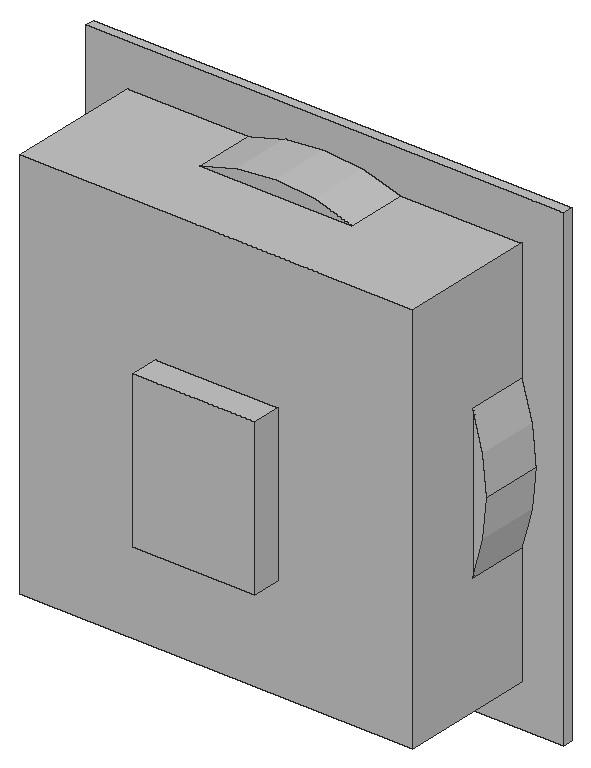
Revit family "ef-35_60uct(40)2_udt(40a)2_uet(40a)2_uft(40a)2_ugt(40a)2_60Hz", category 機械設備, Revit 2019
Family settings
  丸型コネクタ寸法 = 直径を使用
  パーツ タイプ = 標準
  OmniClass 番号 = 23.75.35.21.17
  OmniClass タイトル = Industrial Ventilating Equipment
  作業面ベース = いいえ
  常に垂直 = はい
  ロード時にボイドで切り取り = はい
  共有 = いいえ
  部屋計算ポイント = はい
Parameters (values of type "EF-35UCT2_200V")
  騒音レベル(dB(A)) [instance] = 48.5
  風量 [instance] = 設計風量  # 0.0 m³/h
  電源種別 [instance] = ""
  電圧 = 200 V
  電動機出力 = 100 W
  電動機_種別 [instance] = ""
  銘板表示 = not(モーター表示)  # yes
  銘板_Width = 120 mm
  銘板_Height = 153 mm
  銘板_H = 60 mm
  運転質量 = 0.00 kg
  連動 [instance] = ""
  質量 = if(製品質量 > 運転質量, 製品質量, 運転質量) * 1.2  # 8.16 kg
  負荷分類 = 3_ファン類
  説明 = "産業用有圧換気扇 機器冷却用 排気専用"
  設計風量 [instance] = 0.0 m³/h
  設置方法 = "壁付"
  記号 [instance] = ""
  製造元 = "三菱電機株式会社"
  製品質量 = 6.80 kg
  製品出荷対象 = "国内"
  製品リリース年月 = "2022年6月1日"
  製品グループ = ""
  羽根径 = "∅350"
  レグ_Depth = 143 mm
  系統 [instance] = ""
  符号 [instance] = if(☑給気／□排気, "FS", "FE")  # "FE"
  積算_科目 = ""
  積算_拾い区分 [instance] = ""
  相 = 3
  盤記号 [instance] = ""
  盤工事区分 = ""
  発停方法 [instance] = ""
  特殊仕様 [instance] = ""
  火災停止 [instance] = ""
  消費電力 = 107 W
  法定耐用年数 = "15"
  極数 = 3
  極 = 4
  材質 [instance] = ""
  操作・制御方式 = ""
  操作・制御スイッチ = ""
  排気量 [instance] = if(☑給気／□排気, 0.0 m³/h, 設計風量)  # 0.0 m³/h
  形式 = ""
  幹線記号 [instance] = ""
  対象室 [instance] = ""
  実風量 [instance] = 0.0 m³/h
  始動方式 [instance] = "直入"
  外気量 [instance] = if(☑給気／□排気, 設計風量, 0.0 m³/h)  # 0.0 m³/h
  呼称 = "有圧扇"
  周波数 = 60 Hz
  参照している仕様書等のバージョン = ""
  分類コード = "50052503100110"
  分類グループ = ""
  価格 = 78400
  企業コード = "108420"
  付属品_防振装置 = ""
  付属品 [instance] = ""
  仕様書バージョン = "Version1.0"
  レグ_Width = 387 mm
  レグ_Height = 387 mm
  モーター径 = 5 mm
  モーター表示 = no
  モデル = "EF-35UCT2"
  フレームの厚さ = 10 mm
  ファンの種類 = "軸流羽根"
  コメント [instance] = ""
  Keynote = ""
  オリフィス_Depth = 70 mm
  ☑給気／□排気 [instance] = no
  Width = 470 mm
  Version = ""
  Uniclass2015Version = "Systems v1.9"
  Uniclass2015Title = "Propeller fans"
  Uniclass2015Code = "Pr_65_67_29_67"
  URL = "https://www.mitsubishielectric.co.jp/ldg/wink/ssl/displayProduct.do?pid=318468"
  SpecificationReference = ""
  SpecificationDescription = ""
  Revision = ""
  ProductInformation = ""
  OmniClassCode = "23-33 31 19 11 17"
  MIN風量 = 0.0 m³/h
  MID風量 = 0.0 m³/h
  MAX風量 = 2900.0 m³/h
  IfcTypeProduct = ""
  IfcProduct = ""
  IfcExportType = "TUBEAXIAL"
  IfcExportAs = "IfcFanType"
  Height = 470 mm
  オリフィス径 = 415 mm
  Depth = 171 mm
  Author = "三菱電機株式会社"
Types (20, lengths in mm): name | 騒音レベル(dB(A)) | 電圧 | 電動機出力 | 銘板表示 | 銘板_Width | 銘板_Height | 銘板_H | 質量 | 製品質量 | 羽根径 | レグ_Depth | 消費電力 | 価格 | レグ_Width | レグ_Height | モーター径 | モーター表示 | モデル | オリフィス_Depth | Width | URL | MAX風量 | Height | オリフィス径 | Depth
  EF-35UCT2_200V | 48.5 | 200 V | 100 W | yes | 120 | 153 | 60 | 8.16 kg | 6.80 kg | "∅350" | 143 | 107 W | 78400 | 387 | 387 | 5 | no | "EF-35UCT2" | 70 | 470 | "https://www.mitsubishielectric.co.jp/ldg/wink/ssl/displayProduct.do?pid=318468" | 2900.0 m³/h | 470 | 415 | 171
  EF-35UDT2_200V | 49 | 200 V | 150 W | yes | 147 | 181 | 79.5 | 11.04 kg | 9.20 kg | "∅350" | 189 | 185 W | 86000 | 386 | 386 | 5 | no | "EF-35UDT2" | 70 | 470 | "https://www.mitsubishielectric.co.jp/ldg/wink/ssl/displayProduct.do?pid=318470" | 3600.0 m³/h | 470 | 415 | 221
  EF-40UET2_200V | 55 | 200 V | 400 W | no | 5 | 5 | 5 | 15.84 kg | 13.20 kg | "∅400" | 196 | 355 W | 109000 | 400 | 400 | 131 | yes | "EF-40UET2" | 80 | 520 | "https://www.mitsubishielectric.co.jp/ldg/wink/ssl/displayProduct.do?pid=318485" | 5520.0 m³/h | 520 | 490 | 222
  EF-50UFT2_200V | 56 | 200 V | 750 W | no | 5 | 5 | 5 | 23.40 kg | 19.50 kg | "∅500" | 232 | 530 W | 138000 | 502.8 | 502.8 | 131 | yes | "EF-50UFT2" | 95 | 620 | "https://www.mitsubishielectric.co.jp/ldg/wink/ssl/displayProduct.do?pid=318584" | 8400.0 m³/h | 620 | 605 | 258
  EF-60UGT2_200V | 62 | 200 V | 1500 W | no | 5 | 5 | 5 | 31.68 kg | 26.40 kg | "∅600" | 230 | 1050 W | 203000 | 597.6 | 597.6 | 163 | yes | "EF-60UGT2" | 100 | 710 | "https://www.mitsubishielectric.co.jp/ldg/wink/ssl/displayProduct.do?pid=318493" | 13500.0 m³/h | 710 | 705 | 266
  EF-35UCT2_220V | 49 | 220 V | 100 W | yes | 120 | 153 | 60 | 8.16 kg | 6.80 kg | "∅350" | 143 | 120 W | 78400 | 387 | 387 | 5 | no | "EF-35UCT2" | 70 | 470 | "https://www.mitsubishielectric.co.jp/ldg/wink/ssl/displayProduct.do?pid=318468" | 2900.0 m³/h | 470 | 415 | 171
  EF-35UDT2_220V | 49.5 | 220 V | 150 W | yes | 147 | 181 | 79.5 | 11.04 kg | 9.20 kg | "∅350" | 189 | 190 W | 86000 | 386 | 386 | 5 | no | "EF-35UDT2" | 70 | 470 | "https://www.mitsubishielectric.co.jp/ldg/wink/ssl/displayProduct.do?pid=318470" | 3600.0 m³/h | 470 | 415 | 221
  EF-40UET2_220V | 55.5 | 220 V | 400 W | no | 5 | 5 | 5 | 15.84 kg | 13.20 kg | "∅400" | 196 | 374 W | 109000 | 400 | 400 | 131 | yes | "EF-40UET2" | 80 | 520 | "https://www.mitsubishielectric.co.jp/ldg/wink/ssl/displayProduct.do?pid=318485" | 5520.0 m³/h | 520 | 490 | 222
  EF-50UFT2_220V | 56.5 | 220 V | 750 W | no | 5 | 5 | 5 | 23.40 kg | 19.50 kg | "∅500" | 232 | 560 W | 138000 | 502.8 | 502.8 | 131 | yes | "EF-50UFT2" | 95 | 620 | "https://www.mitsubishielectric.co.jp/ldg/wink/ssl/displayProduct.do?pid=318584" | 8400.0 m³/h | 620 | 605 | 258
  EF-60UGT2_220V | 62.5 | 220 V | 1500 W | no | 5 | 5 | 5 | 31.68 kg | 26.40 kg | "∅600" | 230 | 1070 W | 203000 | 597.6 | 597.6 | 163 | yes | "EF-60UGT2" | 100 | 710 | "https://www.mitsubishielectric.co.jp/ldg/wink/ssl/displayProduct.do?pid=318493" | 13500.0 m³/h | 710 | 705 | 266
  EF-35UCT40A2_400V | 48.5 | 400 V | 100 W | yes | 120 | 153 | 60 | 8.16 kg | 6.80 kg | "∅350" | 143 | 109 W | 86600 | 387 | 387 | 5 | no | "EF-35UCT40A2" | 70 | 470 | "https://www.mitsubishielectric.co.jp/ldg/wink/ssl/displayProduct.do?pid=318469" | 2900.0 m³/h | 470 | 415 | 171
  EF-35UDT40A2_400V | 49 | 400 V | 150 W | yes | 147 | 181 | 79.5 | 11.04 kg | 9.20 kg | "∅350" | 189 | 185 W | 94900 | 386 | 386 | 5 | no | "EF-35UDT40A2" | 70 | 470 | "https://www.mitsubishielectric.co.jp/ldg/wink/ssl/displayProduct.do?pid=318472" | 3600.0 m³/h | 470 | 415 | 221
  EF-40UET40A2_400V | 55 | 400 V | 400 W | no | 5 | 5 | 5 | 15.84 kg | 13.20 kg | "∅400" | 196 | 370 W | 121000 | 400 | 400 | 131 | yes | "EF-40UET40A2" | 80 | 520 | "https://www.mitsubishielectric.co.jp/ldg/wink/ssl/displayProduct.do?pid=318487" | 5520.0 m³/h | 520 | 490 | 222
  EF-50UFT40A2_400V | 56 | 400 V | 750 W | no | 5 | 5 | 5 | 23.40 kg | 19.50 kg | "∅500" | 232 | 540 W | 151000 | 502.8 | 502.8 | 131 | yes | "EF-50UFT40A2" | 95 | 620 | "https://www.mitsubishielectric.co.jp/ldg/wink/ssl/displayProduct.do?pid=318491" | 8400.0 m³/h | 620 | 605 | 258
  EF-60UGT40A2_400V | 62 | 400 V | 1500 W | no | 5 | 5 | 5 | 31.68 kg | 26.40 kg | "∅600" | 230 | 1020 W | 223000 | 597.6 | 597.6 | 163 | yes | "EF-60UGT40A2" | 100 | 710 | "https://www.mitsubishielectric.co.jp/ldg/wink/ssl/displayProduct.do?pid=318494" | 13500.0 m³/h | 710 | 705 | 266
  EF-35UCT40A2_440V | 49 | 440 V | 100 W | yes | 120 | 153 | 60 | 8.16 kg | 6.80 kg | "∅350" | 143 | 115 W | 86600 | 387 | 387 | 5 | no | "EF-35UCT40A2" | 70 | 470 | "https://www.mitsubishielectric.co.jp/ldg/wink/ssl/displayProduct.do?pid=318469" | 2900.0 m³/h | 470 | 415 | 171
  EF-35UDT40A2_440V | 49.5 | 440 V | 150 W | yes | 147 | 181 | 79.5 | 11.04 kg | 9.20 kg | "∅350" | 189 | 195 W | 94900 | 386 | 386 | 5 | no | "EF-35UDT40A2" | 70 | 470 | "https://www.mitsubishielectric.co.jp/ldg/wink/ssl/displayProduct.do?pid=318472" | 3600.0 m³/h | 470 | 415 | 221
  EF-40UET40A2_440V | 55.5 | 440 V | 400 W | no | 5 | 5 | 5 | 15.84 kg | 13.20 kg | "∅400" | 196 | 390 W | 121000 | 400 | 400 | 131 | yes | "EF-40UET40A2" | 80 | 520 | "https://www.mitsubishielectric.co.jp/ldg/wink/ssl/displayProduct.do?pid=318487" | 5520.0 m³/h | 520 | 490 | 222
  EF-50UFT40A2_440V | 56 | 440 V | 750 W | no | 5 | 5 | 5 | 23.40 kg | 19.50 kg | "∅500" | 232 | 545 W | 151000 | 502.8 | 502.8 | 131 | yes | "EF-50UFT40A2" | 95 | 620 | "https://www.mitsubishielectric.co.jp/ldg/wink/ssl/displayProduct.do?pid=318491" | 8400.0 m³/h | 620 | 605 | 258
  EF-60UGT40A2_440V | 63 | 440 V | 1500 W | no | 5 | 5 | 5 | 31.68 kg | 26.40 kg | "∅600" | 230 | 1060 W | 223000 | 597.6 | 597.6 | 163 | yes | "EF-60UGT40A2" | 100 | 710 | "https://www.mitsubishielectric.co.jp/ldg/wink/ssl/displayProduct.do?pid=318494" | 13500.0 m³/h | 710 | 705 | 266
Reference planes
  plane 1 "中心(正面/背面)": y = 0
  plane 2: z = 0
  plane 3 "中心(左/右)": x = 0
  plane 4: z = 0
  plane 5: through (212.832, -1524, 243.759) normal (-0.6508, 0, -0.7593)
  plane 6: through (-212.884, -1524, -243.751) normal (0.6508, 0, 0.7593)
  plane 7: through (208.307, -1524, -247.63) normal (-0.6508, 0, 0.7593)
  plane 8: z = 235
  plane 9: z = -235
  plane 10 "左": x = -235
  plane 11 "右": x = 235
  plane 12 "正面": y = -171
  plane 13: y = -10
  plane 14: through (-208.307, -1524, -247.63) normal (-0.6508, 0, -0.7593)
  plane 15: y = 79
  plane 16: y = 179
  plane 17: x = -250
  plane 18: x = 250
  plane 19: y = -70
  plane 20: y = -143
  plane 21: x = 60
  plane 22: x = -60
  plane 23: z = 60
  plane 24: z = -93
  plane 25: x = -193.5
  plane 26: x = 193.5
  plane 27: z = 193.5
  plane 28: z = -193.5
Forms (mm)
  Extrusion 1, solid, detail levels fine
    sketch origin (0, 0, 0) x (1, 0, 0) y (0, 1, 0)
      loop
        line (-235, 0) -> (-235, -10) -> (235, -10) -> (235, 0) -> (-235, 0)
    from -235 to 235
  Extrusion 2, solid, visible <- "モーター表示", detail levels fine
    sketch origin (140, -23.659, 0) x (-1, 0, 0) y (0, 0, -1)
      loop
        circle (140, 0) r 2.5
    from 119.341 to 147.341
  Extrusion 3, solid
    sketch origin (0, -153.783, 0) x (1, 0, 0) y (0, 0, 1)
      loop
        circle (0, 0) r 207.5
    from -143.783 to -83.783
  Extrusion 4, solid, visible <- "銘板表示", detail levels fine
    sketch origin (0, 0, 0) x (1, 0, 0) y (0, 0, 1)
      loop
        line (-60, 60) -> (-60, -93) -> (60, -93) -> (60, 60) -> (-60, 60)
    from 143 to 171
  Extrusion 5, solid
    sketch origin (0, 0, 0) x (1, 0, 0) y (0, 0, 1)
      loop
        line (-193.5, 193.5) -> (-193.5, -193.5) -> (193.5, -193.5) -> (193.5, 193.5) -> (-193.5, 193.5)
    from 10 to 143
Cuts and joins
  joined: Extrusion 3, Extrusion 5
Lines and regions (mm)
  Masking region 1, detail levels coarse+medium
    outline origin (0, 0, 0) x (1, 0, 0) y (0, 1, 0)
      loop
        line (-250, -171) -> (250, -171) -> (250, 79) -> (-250, 79) -> (-250, -171)
  Masking region 2, detail levels coarse+medium
    outline origin (0, 0, 0) x (1, 0, 0) y (0, 1, 0)
      loop
        line (-199, 79) -> (199, 79) -> (199, 179) -> (-199, 179) -> (-199, 79)
  symbolic lines, detail levels coarse+medium
    curve 1: circle (199, -159, 0) r 115 normal (0, 0, 1)
    curve 2: circle (-199, -159, 0) r 115 normal (0, 0, -1)
Dimensions and locks
  level to plane 4 = 0 mm
  equal spacing: plane 8, level, plane 9
  "Depth": plane 12 "正面" to plane 1 "中心(正面/背面)"  (x2)
  "Width": plane 10 "左" to plane 11 "右"
  "Height": plane 8 to plane 9
  "フレームの厚さ": plane 13 to plane 1 "中心(正面/背面)"
  plane 12 "正面" to plane 15 to plane 16 = 250 mm locked, 100 mm locked
  locked: plane 17 to plane 18 at 500
  "オリフィス_Depth": plane 1 "中心(正面/背面)" to plane 19
  "レグ_Depth": plane 1 "中心(正面/背面)" to plane 20
  equal spacing: plane 10 "左", plane 3 "中心(左/右)", plane 11 "右"
  equal spacing: plane 21, plane 3 "中心(左/右)", plane 22
  "銘板_Width": plane 21 to plane 22
  "銘板_H": plane 23 to level
  "銘板_Height": plane 23 to plane 24
  equal spacing: plane 26, plane 3 "中心(左/右)", plane 25
  "レグ_Width": plane 26 to plane 25
  equal spacing: plane 27, level, plane 28
  "レグ_Height": plane 27 to plane 28
  "オリフィス径": diameter of Extrusion 3 sketch curve
  "モーター径": diameter of Extrusion 2 sketch curve
  aligned and locked: level to plane 2
  aligned and locked: Extrusion 1 to plane 8
  aligned and locked: plane 10 "左" to Extrusion 1
  aligned and locked: Extrusion 1 to plane 11 "右"
  aligned and locked: plane 9 to Extrusion 1
  aligned and locked: Extrusion 1 to plane 13
  aligned and locked: Extrusion 1 to plane 1 "中心(正面/背面)"  (x5)
  aligned and locked: plane 12 "正面" to Extrusion 2
  aligned and locked: plane 1 "中心(正面/背面)" to Extrusion 1  (x2)
  aligned and locked: plane 4 to Extrusion 2 sketch curve
  aligned and locked: plane 12 "正面" to Masking region 1 sketch curve
  aligned and locked: Masking region 1 sketch curve to plane 17
  aligned and locked: plane 15 to Masking region 1 sketch curve
  aligned and locked: plane 18 to Masking region 1 sketch curve
  aligned and locked: Masking region 2 sketch curve to plane 15
  aligned and locked: plane 16 to Masking region 2 sketch curve
  aligned and locked: Extrusion 3 to Extrusion 1
  aligned and locked: Extrusion 3 to plane 19
  aligned and locked: plane 20 to Extrusion 2
  aligned and locked: Extrusion 4 sketch curve to plane 23
  aligned and locked: plane 22 to Extrusion 4 sketch curve
  aligned and locked: plane 24 to Extrusion 4 sketch curve
  aligned and locked: Extrusion 4 sketch curve to plane 21
  aligned and locked: plane 12 "正面" to Extrusion 4
  aligned and locked: plane 20 to Extrusion 4
  aligned and locked: Extrusion 5 to Extrusion 2
  aligned and locked: Extrusion 5 to Extrusion 1
  aligned and locked: Extrusion 5 to plane 25
  aligned and locked: plane 27 to Extrusion 5
  aligned and locked: plane 26 to Extrusion 5
  aligned and locked: Extrusion 5 to plane 28
Automatic sketch dimensions
  Extrusion 1 sketch curve to plane 10 "左" = 0 mm
  Extrusion 1 sketch curve to plane 11 "右" = 0 mm
  Extrusion 1 sketch curve to plane 13 = 0 mm
  plane 1 "中心(正面/背面)" to Extrusion 1 sketch curve = 0 mm
  Extrusion 3 sketch curve to level = 0 mm
  Extrusion 3 sketch curve to plane 3 "中心(左/右)" = 0 mm
  curve 2 to plane 20 = 16 mm
  curve 1 to plane 20 = 16 mm
  curve 2 to plane 10 "左" = 36 mm
  Masking region 2 sketch curve to plane 10 "左" = 36 mm
  plane 11 "右" to curve 1 = 36 mm
  plane 11 "右" to Masking region 2 sketch curve = 36 mm
  Extrusion 2 sketch curve to plane 3 "中心(左/右)" = 0 mm
  Extrusion 5 sketch curve to plane 25 = 0 mm
  plane 26 to Extrusion 5 sketch curve = 0 mm
  Extrusion 5 sketch curve to plane 28 = 0 mm
  plane 27 to Extrusion 5 sketch curve = 0 mm
  radius of curve 1 = 115 mm
  radius of curve 2 = 115 mm
Connectors
  electrical at (235, -5, 0), driven by "電圧", driven by "負荷分類", driven by "消費電力", driven by "極数"
    settings: on Extrusion 1, index 2, voltage 200 V, apparent load 107 VA, apparent load phase1 0 VA, apparent load phase2 0 VA, apparent load phase3 0 VA, power factor 1, load classification "3_ファン類", number of poles 3, system type 30, power factor state 1, is connector primary yes, connector utility no, sub classification motor no, connector description ""
